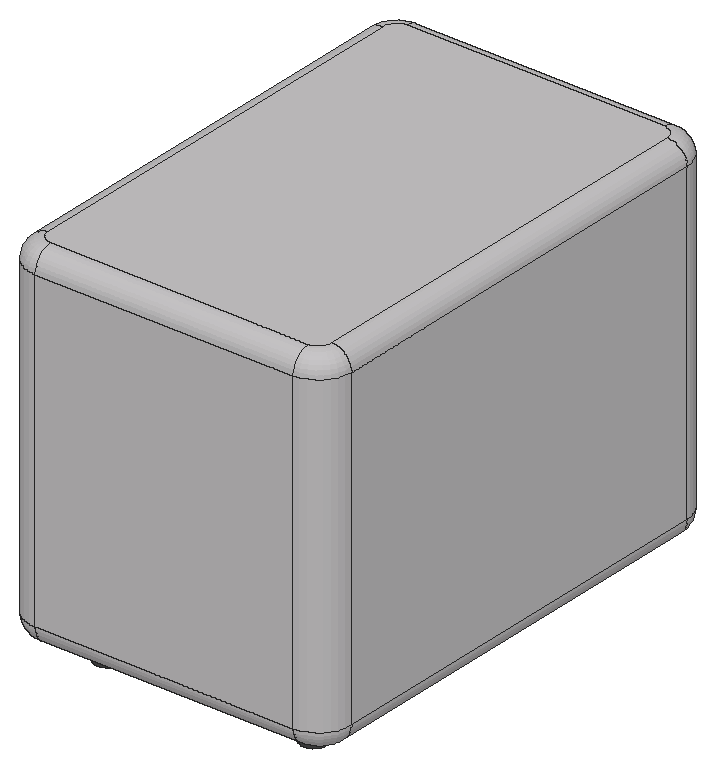
Revit family "FU_Chair_Sandler_ENTROPY_ENT0830TA", category Furniture, Revit 2020
Family settings
  OmniClass Number = 23.21.23.15.17
  Work Plane-Based = Yes
  Always vertical = No
  Cut with Voids When Loaded = No
  Shared = No
  Room Calculation Point = No
Parameters (values of type "ENTROPY ENT0830TA")
  Youtube clip = ""
  Width = 500.000 mm
  Uniformat II Description = "Movable Furnishings"
  Uniformat II Code = ""
  Uniclass 2015 Name = ""
  Uniclass 2015 Code = ""
  Uniclass 2.0 Description = ""
  Uniclass 2.0 Code = ""
  Uniclass 1.4 Description = ""
  Uniclass 1.4 Code = ""
  UNSPSC Code = ""
  Technical description = ""
  Seat Material = Leather - Gaja - 60005
  Frame Material = Steel - Frame - Black
  Region South America = "All"
  Region Oceania = "All"
  Region North America = "All"
  Region Middle East = "All"
  Region Europe = "All"
  Region Asia = "All"
  Region Antarctica = "All"
  Region Africa = "All"
  QR code = ""
  Product url = "https://www.sandlerseating.com/product/ent0830tata/"
  Product name = ""
  Product group = "Chair"
  Product family = "Furniture"
  Product data url = "https://www.sandlerseating.com/product/ent0830tata/"
  Product certification = ""
  Product SKU = ""
  Product Guid = ""
  OmniClass Description = ""
  OmniClass Code = "23-21 23 15 17"
  NBS Reference Description = ""
  NBS Reference Code = ""
  Model = "ENTROPY ENT0830TA"
  Masterformat 2014 Description = "Chair Mats"
  Masterformat 2014 Code = "12 48 43.13"
  Manufacturer name = "Sandler"
  Manufacturer country = "UK"
  Manufacturer = "Sandler"
  Installation instructions = ""
  IFC Classification = "Furnishing Element"
  GTIN code = ""
  Edition number = 1
  Design country = "UK"
  Description = "Chair"
  Depth = 750.000 mm
  Default Elevation = 0.000 mm
  Date of publishing = ""
  COBIe Type Category = ""
  Brand url = "https://www.sandlerseating.com/"
  BIMobject main category code = "furniture"
  BIMobject main category = "Furniture"
  BIMobject category code = "furniture-chair"
  BIMobject category = "Chair"
Reference planes
  plane 1 "Center Front/Back": y = 0
  plane 2: z = 0
  plane 3 "Center Left/Right": x = 0
  plane 4: y = 375
  plane 5: y = -375
  plane 6: x = -250
  plane 7: x = 250
  plane 8: z = 590
  plane 9: z = 40
  plane 10: x = -212.5
  plane 11: x = 212.5
  plane 12: y = -337.5
  plane 13: y = 337.5
Forms (mm)
  Extrusion 1, solid, material "Leather - Gaja - 60005" <- "Seat Material"
    sketch origin (0, 0, 0) x (1, 0, 0) y (0, 1, 0)
      loop
        arc (-200, 375) -> (-235.355, 360.355) -> (-250, 325) r 50
        line (-250, 325) -> (-250, -325)
        arc (-250, -325) -> (-235.355, -360.355) -> (-200, -375) r 50
        line (-200, -375) -> (200, -375)
        arc (200, -375) -> (235.355, -360.355) -> (250, -325) r 50
        line (250, -325) -> (250, 325)
        arc (250, 325) -> (235.355, 360.355) -> (200, 375) r 50
        line (200, 375) -> (-200, 375)
    from 40 to 590
  Extrusion 2, solid, material "Steel - Frame - Black" <- "Frame Material"
    sketch origin (0, 0, 0) x (1, 0, 0) y (0, 1, 0)
      loop
        circle (-160, -285) r 20
      loop
        circle (160, -285) r 20
      loop
        circle (-160, 285) r 20
      loop
        circle (160, 285) r 20
    from 0 to 40
  Sweep 3, void
    path in 3D
      loop
        arc (250, 325, 590) -> (235.355, 360.355, 590) -> (200, 375, 590) r 50
        line (200, 375, 590) -> (-200, 375, 590)
        arc (-200, 375, 590) -> (-235.355, 360.355, 590) -> (-250, 325, 590) r 50
        line (-250, 325, 590) -> (-250, -325, 590)
        arc (-250, -325, 590) -> (-235.355, -360.355, 590) -> (-200, -375, 590) r 50
        line (-200, -375, 590) -> (200, -375, 590)
        arc (200, -375, 590) -> (235.355, -360.355, 590) -> (250, -325, 590) r 50
        line (250, -325, 590) -> (250, 325, 590)
    profile origin (250, 0, 590) x (-1, 0, 0) y (0, 0, 1)
      loop
        line (0, 0) -> (0, -30)
        arc (0, -30) -> (8.787, -8.787) -> (30, 0) r 30
        line (30, 0) -> (0, 0)
      loop
        line (0, -550) -> (30, -550)
        arc (30, -550) -> (8.787, -541.213) -> (0, -520) r 30
        line (0, -520) -> (0, -550)
Cuts and joins
  Sweep 3 cuts Extrusion 1
Lines and regions (mm)
  sketch lines
    curve 1: line (250, -325, 590) -> (250, 325, 590)
    curve 2: arc (200, 375, 590) -> (235.355, 360.355, 590) -> (250, 325, 590) r 50
    curve 3: line (200, 375, 590) -> (-200, 375, 590)
    curve 4: arc (-250, 325, 590) -> (-235.355, 360.355, 590) -> (-200, 375, 590) r 50
    curve 5: line (-250, 325, 590) -> (-250, -325, 590)
    curve 6: arc (-200, -375, 590) -> (-235.355, -360.355, 590) -> (-250, -325, 590) r 50
    curve 7: line (-200, -375, 590) -> (200, -375, 590)
    curve 8: arc (250, -325, 590) -> (235.355, -360.355, 590) -> (200, -375, 590) r 50
Dimensions and locks
  equal spacing: plane 4, plane 1 "Center Front/Back", plane 5
  "Depth": plane 4 to plane 5
  equal spacing: plane 6, plane 3 "Center Left/Right", plane 7
  "Width": plane 6 to plane 7
  locked: plane 11 to plane 7 at 37.5
  locked: plane 6 to plane 10 at 37.5
  locked: plane 4 to plane 13 at 37.5
  locked: plane 12 to plane 5 at 37.5
  plane 8 to level = 590.000 mm
  aligned and locked: level to plane 2
  aligned and locked: Extrusion 1 sketch curve to plane 4
  aligned and locked: plane 5 to Extrusion 1 sketch curve
  aligned and locked: Extrusion 1 sketch curve to plane 7
Automatic sketch dimensions
  Extrusion 1 sketch curve to plane 4 = 50.000 mm
  plane 10 to Extrusion 1 sketch curve = 12.500 mm  (x2)
  Extrusion 1 sketch curve to plane 11 = 12.500 mm  (x2)
  Extrusion 1 sketch curve to plane 6 = 0.000 mm
  Sweep 3 sketch curve to profile plane = 0.000 mm  (x3)
  Sweep 3 sketch curve to profile plane = 30.000 mm  (x2)
  Sweep 3 sketch curve to Sweep 3 sketch curve = 490.000 mm
  plane 10 to Extrusion 2 sketch curve = 52.500 mm  (x2)
  Extrusion 2 sketch curve to plane 11 = 52.500 mm  (x2)
  plane 12 to Extrusion 2 sketch curve = 52.500 mm  (x2)
  Extrusion 2 sketch curve to plane 13 = 52.500 mm  (x2)
  radius of Extrusion 2 sketch curve = 20.000 mm  (x4)
